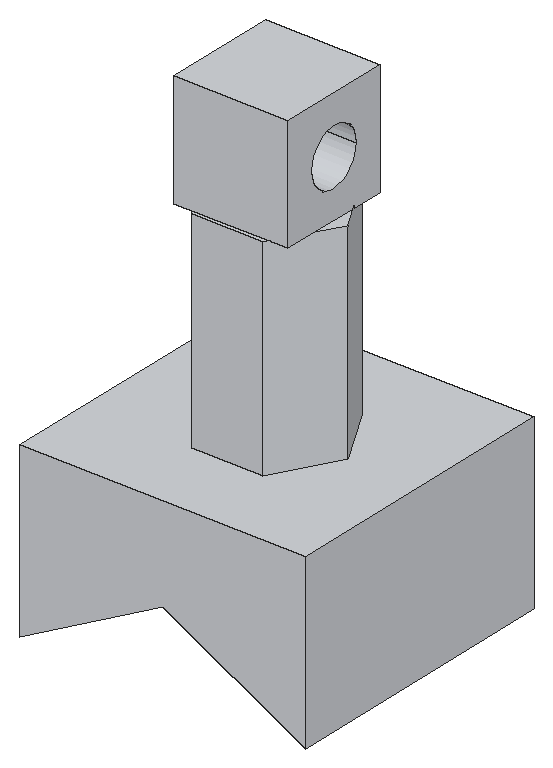
Revit family "Gripple Universal Clamp with M8 Adaptor", category Specialty Equipment, Revit 2017
Family settings
  Round Connector Dimension = Use Diameter
  Part Type = Normal
  OmniClass Number = 23.45.00.00
  OmniClass Title = Sanitary, Laundry, and Cleaning Equipment
  Work Plane-Based = Yes
  Always vertical = No
  Cut with Voids When Loaded = No
  Shared = No
  Room Calculation Point = No
Parameters (values of type "GUC M8/M10 400mm")
  W/2 = W / 2  # 15 mm
  W = 30 mm  # constant formula
  CAF = 13 mm  # constant formula
  URL = "http://www.gripple.co.uk/gb/en/p12/a6/universal-clamp"
  Model = "Gripple Universal Clamp - 400mm Wire"
  Manufacturer = "Gripple Ltd"
  Keynote = ""
  H = 21.978 mm
  Go To URL [instance] = "http://www.gripple.co.uk/gb/en/p12/a6/universal-clamp"
  Default Elevation = 0 mm
  Cost = 0
  Assembly Code = "GC2-INS-M8-M10-400MM"
  -width/2 = -W / 2  # -15 mm
Types (2, lengths in mm): name | Model | Assembly Code
  GUC M8/M10 400mm | "Gripple Universal Clamp - 400mm Wire" | "GC2-INS-M8-M10-400MM"
  GUC M8/M10 600mm | "Gripple Universal Clamp - 600mm Wire" | "GC2-INS-M8-M10-600MM"
Reference planes
  plane 1 "Center (Front/Back)": y = 0
  plane 2 "Insert Ref Plane": z = 0
  plane 3 "Center (Left/Right)": x = 0
  plane 4 "Front Plane": y = 15
  plane 5 "Back Plane": y = -15
  plane 6 "LH W": x = -15
  plane 7 "RH W": x = 15
  plane 8 "b1": z = -21.978
  plane 9 "Top of Vee": z = -31.978
  plane 10 "Lowest": z = -40
  plane 11 "c1": y = 6.5
  plane 12 "c2": y = -6.5
  plane 13 "ADP-M8 Top": z = 12
  plane 14: z = 6
  plane 15 "ADP-M8 Back": y = -6
  plane 16 "ADP-M8 Front": y = 6
Forms (mm)
  Extrusion 1, solid
    sketch origin (0, 0, 0) x (1, 0, 0) y (0, 0, 1)
      loop
        line (-15, -21.978) -> (-15, -40) -> (0, -31.978) -> (15, -40) -> (15, -21.978) -> (-15, -21.978)
    from -15 <- "-width/2" to 15 <- "W/2"
  Extrusion 2, solid
    sketch origin (0, 0, -21.978) x (0, -1, 0) y (1, 0, 0)
      loop
        line (-6.5, 3.753) -> (-6.5, -3.753) -> (0, -7.506) -> (6.5, -3.753) -> (6.5, 3.753) -> (0, 7.506) -> (-6.5, 3.753)
    from 0 to 21.978 <- "H"
  Extrusion 3, solid
    sketch origin (0, 0, 0) x (0, 1, 0) y (0, 0, 1)
      loop
        line (6, 12) -> (-6, 12) -> (-6, 0) -> (6, 0) -> (6, 12)
      loop
        circle (0, 6) r 3
    from -6 to 6
Dimensions and locks
  equal spacing: plane 7 "RH W", plane 3 "Center (Left/Right)", plane 6 "LH W"
  "W": plane 7 "RH W" to plane 6 "LH W"
  equal spacing: plane 4 "Front Plane", plane 1 "Center (Front/Back)", plane 5 "Back Plane"
  "W": plane 4 "Front Plane" to plane 5 "Back Plane"
  equal spacing: plane 11 "c1", plane 1 "Center (Front/Back)", plane 12 "c2"
  "CAF": plane 11 "c1" to plane 12 "c2"
  "CAF": Extrusion 2 sketch curve to Extrusion 2 sketch curve  (x2)
  locked: plane 8 "b1" to plane 10 "Lowest" at 18.022
  locked: level to plane 10 "Lowest" at 40
  locked: plane 8 "b1" to plane 9 "Top of Vee" at 10
  locked: plane 13 "ADP-M8 Top" to level at 12
  equal spacing: plane 13 "ADP-M8 Top", plane 14, level
  plane 1 "Center (Front/Back)" to plane 15 "ADP-M8 Back" = 6 mm
  plane 16 "ADP-M8 Front" to plane 1 "Center (Front/Back)" = 6 mm
  locked: plane 16 "ADP-M8 Front" to plane 15 "ADP-M8 Back" at 12
  aligned and locked: level to plane 2 "Insert Ref Plane"
  aligned and locked: plane 8 "b1" to Extrusion 1 sketch curve
  aligned and locked: plane 7 "RH W" to Extrusion 1 sketch curve
  aligned and locked: plane 6 "LH W" to Extrusion 1 sketch curve
  aligned and locked: plane 11 "c1" to Extrusion 2 sketch curve
  aligned and locked: plane 12 "c2" to Extrusion 2 sketch curve
  aligned and locked: level to Extrusion 2
  aligned and locked: Extrusion 3 to plane 15 "ADP-M8 Back"
  aligned and locked: Extrusion 3 to plane 16 "ADP-M8 Front"
  aligned and locked: Extrusion 3 to level
  aligned and locked: plane 13 "ADP-M8 Top" to Extrusion 3
  aligned and locked: plane 8 "b1" to Extrusion 2
Automatic sketch dimensions
  Extrusion 1 sketch curve to plane 3 "Center (Left/Right)" = 0 mm
  Extrusion 1 sketch curve to plane 10 "Lowest" = 0 mm  (x2)
  Extrusion 1 sketch curve to plane 9 "Top of Vee" = 0 mm
  Extrusion 3 sketch curve to plane 13 "ADP-M8 Top" = 0 mm
  Extrusion 3 sketch curve to plane 15 "ADP-M8 Back" = 0 mm
  Extrusion 3 sketch curve to plane 1 "Center (Front/Back)" = 0 mm
  Extrusion 3 sketch curve to plane 16 "ADP-M8 Front" = 0 mm
  Extrusion 3 sketch curve to level = 0 mm
  plane 14 to Extrusion 3 sketch curve = 0 mm
  plane 1 "Center (Front/Back)" to Extrusion 2 sketch curve = 0 mm  (x2)
  plane 6 "LH W" to Extrusion 2 sketch curve = 7.494 mm
  Extrusion 2 sketch curve to plane 3 "Center (Left/Right)" = 3.753 mm
  radius of Extrusion 3 sketch curve = 3 mm
